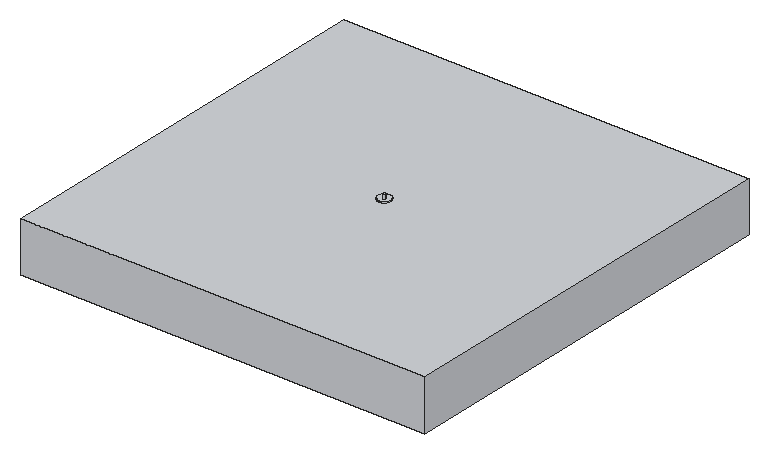
Revit family "M_Sprinkler - Seco - Pendente - Semi-embutido - Hospedado", category Sprinklers, Revit 2019
Family settings
  Hospedeiro = Face
  Manter orientação da anotação = Sim
  Cota do conector redondo = Usar raio
  Tipo de parte = Normal
  Número OmniClass = 23.65.70.17.11.24
  Título OmniClass = Fire Fighting Sprinkler Heads
  ID de item do Seek = Sprinkler - Dry - Pendent - Semi-Recessed - Hosted-0000-CAN-ENU
  Corte com vazios quando carregada = Não
  Compartilhado = Não
  Ponto de cálculo do ambiente = Não
Parameters (values of type "Pendente seco de 15 mm")
  Classificação de temperatura = 57 °C
  Símbolo [instance] = M_Sprinkler - Símbolo - Pendente : Sprinkler - Símbolo - Pendente
  Resposta = Padrão
  Queda de pressão [instance] = 48300.0 Pa
  Classe de pressão = Padrão
  Tamanho do orifício = 13 mm
  Orifício = Padrão
  Fator-K = 81
  Fluxo [instance] = 2.0 L/s
  Diâmetro do escudete = 76 mm
  Cobertura = Padrão
  Diâmetro nominal = Raio nominal * 2  # 15 mm
  Raio nominal = 7.5 mm
  Raio do escudete = 0.5 * Diâmetro do escudete  # 38 mm
  Protrusão = 25 mm
  Comprimento total = 98 mm
  Espessura do escudete = 3 mm
  Elevação-padrão = 2400 mm
  CEL = 13 mm
  Assembly Code = ""
Types (4, lengths in mm): name | Símbolo
  Pendente seco de 15 mm | M_Sprinkler - Símbolo - Pendente : Sprinkler - Símbolo - Pendente
  Pendente seco em gota de 15 mm | M_Sprinkler - Símbolo - Pendente em gota : Sprinkler - Símbolo - Pendente em gota
  Pendente seco em gota de 15 mm com proteção | M_Sprinkler - Símbolo - Pendente em gota com proteção : Sprinkler - Símbolo - Pendente em gota com proteção
  Pendente seco de 15 mm com proteção | M_Sprinkler - Símbolo - Pendente com protetor : Sprinkler - Símbolo - Pendente com proteção
Reference planes
  plane 1 "Centro (Frente/Trás)": y = 0
  plane 2: z = 0
  plane 3 "Centro (Esquerda/Direita)": x = 0
  plane 4: z = -73
  plane 5: z = 3
  plane 6: z = 25
  plane 7: z = -60
Forms (mm)
  Extrusion 1, solid
    sketch origin (0, 0, 0) x (1, 0, 0) y (0, 1, 0)
      loop
        line (-1219.2, 1219.2) -> (-1219.2, -1219.2) -> (1219.2, -1219.2) -> (1219.2, 1219.2) -> (-1219.2, 1219.2)
    from 0 to -304.8
  Extrusion 2, solid
    sketch origin (0, 0, 0) x (1, 0, 0) y (0, 1, 0)
      loop
        circle (0, 0) r 7.5
    from -60 to 25
  Extrusion 3, solid
    sketch origin (0, 0, 0) x (1, 0, 0) y (0, 1, 0)
      loop
        circle (0, 0) r 38
    from 0 to 3
Cuts and joins
  joined: Extrusion 2, Extrusion 3
Dimensions and locks
  "Espessura do escudete": plane 5 to level
  "Protrusão": plane 6 to level
  "Comprimento total": plane 6 to plane 4
  "CEL": plane 7 to plane 4
  "Raio nominal": radius of Extrusion 2 sketch curve
  "Raio do escudete": radius of Extrusion 3 sketch curve
  aligned and locked: plane 2 to Extrusion 1
  aligned and locked: level to Extrusion 1
  aligned and locked: Extrusion 3 to level
  aligned and locked: plane 5 to Extrusion 3
  aligned and locked: plane 6 to Extrusion 2
  aligned and locked: Extrusion 2 to plane 7
Automatic sketch dimensions
  Extrusion 2 sketch curve to plane 1 "Centro (Frente/Trás)" = 0 mm
  Extrusion 2 sketch curve to plane 3 "Centro (Esquerda/Direita)" = 0 mm
  Extrusion 3 sketch curve to plane 1 "Centro (Frente/Trás)" = 0 mm
  Extrusion 3 sketch curve to plane 3 "Centro (Esquerda/Direita)" = 0 mm
  Extrusion 1 sketch curve to Extrusion 1 sketch curve = 2438.4 mm  (x2)
Nested families
  nested 1: "M_Sprinkler - Símbolo - Pendente" at (0, 0, 0), type <- "Símbolo", type "Sprinkler - Símbolo - Pendente"
Connectors
  piping at (0, 0, -60), diameter 15, driven by "Raio nominal", driven by "Fluxo", driven by "Queda de pressão"
    settings: on cut or joined group of Extrusion 2, Extrusion 3, index 1, connector inside diameter 15 mm, connector length 0 mm, flow factor 0, pipe flow 2.0 L/s, pressure drop 48300.0 Pa, fitting loss kfactor 0, connector angle 0.00°, fixture units 0, engagement length 0 mm, angle of deflection 0.00°, flow configuration 1, flow direction 1, fitting loss method 4, system type 24, joint type 0, gender type 0, connector reference index -1, connector utility 0, adjustable connector no, is connector primary yes, connector description "In"
Definition of nested family "M_Sprinkler - Símbolo - Pendente"
  Parameters
    Raio do símbolo = 0.5 * Diâmetro do símbolo  # 1.5 mm
    Diâmetro do símbolo = 3 mm
  Reference planes
    plane 1: y = 0
    plane 2: x = 0
  Lines and regions (mm)
    detail lines
      curve 1: circle (0, 0, 0) r 1.5 normal (0, 0, 1)
  Dimensions and locks
    "Raio do símbolo": radius of curve 1
  Automatic sketch dimensions
    curve 1 to plane 1 = 0 mm
    curve 1 to plane 2 = 0 mm
